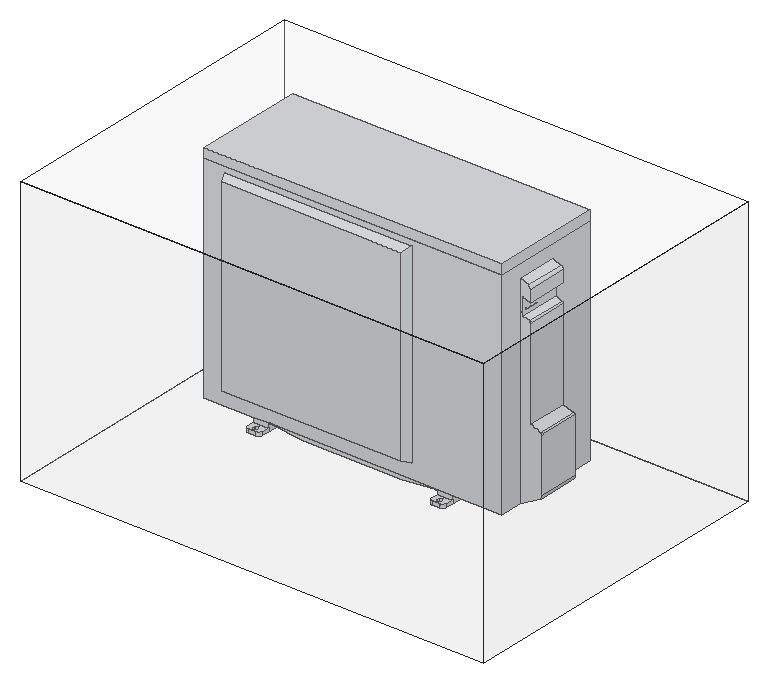
Revit family "puz-zrmp40_63(s)ka11_50Hz", category 機械設備, Revit 2019 (continued)
Definition of nested family "PUZ-ZRMP-1"
  Lines and regions (mm)
    model lines, visible <- "タイプ1", detail levels fine
      curve 340: arc (-404.5, -95, 79) -> (-404.5, -98.536, 77.536) -> (-404.5, -100, 74) r 5
      curve 341: arc (-404.5, -100, 64) -> (-404.5, -98.536, 60.464) -> (-404.5, -95, 59) r 5
    model lines, visible <- "タイプ3", not visible
      curve 342: line (-404.5, -100, 907) -> (-404.5, -60, 907)
      curve 343: line (-404.5, -100, 1097) -> (-404.5, -100, 907)
      curve 344: line (-404.5, -60, 1097) -> (-404.5, -100, 1097)
      curve 345: line (-404.5, -60, 907) -> (-404.5, -60, 1097)
      curve 346: line (-404.5, 60, 907) -> (-404.5, 100, 907)
      curve 347: line (-404.5, 60, 1097) -> (-404.5, 60, 907)
      curve 348: line (-404.5, 100, 1097) -> (-404.5, 60, 1097)
      curve 349: line (-404.5, 100, 907) -> (-404.5, 100, 1097)
      curve 350: line (-404.5, -46.667, 907) -> (-404.5, -6.667, 907)
      curve 351: line (-404.5, -46.667, 1097) -> (-404.5, -46.667, 907)
      curve 352: line (-404.5, -6.667, 1097) -> (-404.5, -46.667, 1097)
      curve 353: line (-404.5, -6.667, 907) -> (-404.5, -6.667, 1097)
      curve 354: line (-404.5, 6.667, 907) -> (-404.5, 46.667, 907)
      curve 355: line (-404.5, 6.667, 1097) -> (-404.5, 6.667, 907)
      curve 356: line (-404.5, 46.667, 1097) -> (-404.5, 6.667, 1097)
      curve 357: line (-404.5, 46.667, 907) -> (-404.5, 46.667, 1097)
      curve 358: line (-404.5, -100, 1112) -> (-404.5, -60, 1112)
      curve 359: line (-404.5, -100, 1302) -> (-404.5, -100, 1112)
      curve 360: line (-404.5, -60, 1302) -> (-404.5, -100, 1302)
      curve 361: line (-404.5, -60, 1112) -> (-404.5, -60, 1302)
      curve 362: line (-404.5, 60, 1112) -> (-404.5, 100, 1112)
      curve 363: line (-404.5, 60, 1302) -> (-404.5, 60, 1112)
      curve 364: line (-404.5, 100, 1302) -> (-404.5, 60, 1302)
      curve 365: line (-404.5, 100, 1112) -> (-404.5, 100, 1302)
      curve 366: line (-404.5, -46.667, 1112) -> (-404.5, -6.667, 1112)
      curve 367: line (-404.5, -46.667, 1302) -> (-404.5, -46.667, 1112)
      curve 368: line (-404.5, -6.667, 1302) -> (-404.5, -46.667, 1302)
      curve 369: line (-404.5, -6.667, 1112) -> (-404.5, -6.667, 1302)
      curve 370: line (-404.5, 6.667, 1112) -> (-404.5, 46.667, 1112)
      curve 371: line (-404.5, 6.667, 1302) -> (-404.5, 6.667, 1112)
      curve 372: line (-404.5, 46.667, 1302) -> (-404.5, 6.667, 1302)
      curve 373: line (-404.5, 46.667, 1112) -> (-404.5, 46.667, 1302)
    model lines, visible <- "タイプ2", not visible
      curve 374: line (-600, -100, 33.5) -> (-600, -60, 33.5)
      curve 375: line (-600, -100, 73.5) -> (-600, -100, 33.5)
      curve 376: line (-600, -60, 73.5) -> (-600, -100, 73.5)
      curve 377: line (-600, -60, 33.5) -> (-600, -60, 73.5)
      curve 378: line (-600, 60, 33.5) -> (-600, 100, 33.5)
      curve 379: line (-600, 60, 73.5) -> (-600, 60, 33.5)
      curve 380: line (-600, 100, 73.5) -> (-600, 60, 73.5)
      curve 381: line (-600, 100, 33.5) -> (-600, 100, 73.5)
      curve 382: line (-509, -46.667, 33.5) -> (-509, -6.667, 33.5)
      curve 383: line (-509, -46.667, 73.5) -> (-509, -46.667, 33.5)
      curve 384: line (-509, -6.667, 73.5) -> (-509, -46.667, 73.5)
      curve 385: line (-509, -6.667, 33.5) -> (-509, -6.667, 73.5)
      curve 386: line (-509, 6.667, 33.5) -> (-509, 46.667, 33.5)
      curve 387: line (-509, 6.667, 73.5) -> (-509, 6.667, 33.5)
      curve 388: line (-509, 46.667, 73.5) -> (-509, 6.667, 73.5)
      curve 389: line (-509, 46.667, 33.5) -> (-509, 46.667, 73.5)
      curve 483: line (-404.5, -100, 33.5) -> (-404.5, -60, 33.5)
      curve 484: line (-404.5, -100, 73.5) -> (-404.5, -100, 33.5)
      curve 485: line (-404.5, -60, 73.5) -> (-404.5, -100, 73.5)
      curve 486: line (-404.5, -60, 33.5) -> (-404.5, -60, 73.5)
      curve 487: line (-404.5, 60, 33.5) -> (-404.5, 100, 33.5)
      curve 488: line (-404.5, 60, 73.5) -> (-404.5, 60, 33.5)
      curve 489: line (-404.5, 100, 73.5) -> (-404.5, 60, 73.5)
      curve 490: line (-404.5, 100, 33.5) -> (-404.5, 100, 73.5)
      curve 491: line (-404.5, -46.667, 33.5) -> (-404.5, -6.667, 33.5)
      curve 492: line (-404.5, -46.667, 73.5) -> (-404.5, -46.667, 33.5)
      curve 493: line (-404.5, -6.667, 73.5) -> (-404.5, -46.667, 73.5)
      curve 494: line (-404.5, -6.667, 33.5) -> (-404.5, -6.667, 73.5)
      curve 495: line (-404.5, 6.667, 33.5) -> (-404.5, 46.667, 33.5)
      curve 496: line (-404.5, 6.667, 73.5) -> (-404.5, 6.667, 33.5)
      curve 497: line (-404.5, 46.667, 73.5) -> (-404.5, 6.667, 73.5)
      curve 498: line (-404.5, 46.667, 33.5) -> (-404.5, 46.667, 73.5)
    model lines, not visible
      curve 390: line (-404.5, -100, 87) -> (-404.5, -60, 87)
      curve 391: line (-404.5, -100, 277) -> (-404.5, -100, 87)
      curve 392: line (-404.5, -60, 277) -> (-404.5, -100, 277)
      curve 393: line (-404.5, -60, 87) -> (-404.5, -60, 277)
      curve 394: line (-404.5, -100, 292) -> (-404.5, -60, 292)
      curve 395: line (-404.5, -100, 482) -> (-404.5, -100, 292)
      curve 396: line (-404.5, -60, 482) -> (-404.5, -100, 482)
      curve 397: line (-404.5, -60, 292) -> (-404.5, -60, 482)
      curve 398: line (-404.5, -100, 497) -> (-404.5, -60, 497)
      curve 399: line (-404.5, -100, 687) -> (-404.5, -100, 497)
      curve 400: line (-404.5, -60, 687) -> (-404.5, -100, 687)
      curve 401: line (-404.5, -60, 497) -> (-404.5, -60, 687)
      curve 402: line (-404.5, -100, 702) -> (-404.5, -60, 702)
      curve 403: line (-404.5, -100, 892) -> (-404.5, -100, 702)
      curve 404: line (-404.5, -60, 892) -> (-404.5, -100, 892)
      curve 405: line (-404.5, -60, 702) -> (-404.5, -60, 892)
      curve 406: line (-404.5, 60, 87) -> (-404.5, 100, 87)
      curve 407: line (-404.5, 60, 277) -> (-404.5, 60, 87)
      curve 408: line (-404.5, 100, 277) -> (-404.5, 60, 277)
      curve 409: line (-404.5, 100, 87) -> (-404.5, 100, 277)
      curve 410: line (-404.5, -46.667, 87) -> (-404.5, -6.667, 87)
      curve 411: line (-404.5, -46.667, 277) -> (-404.5, -46.667, 87)
      curve 412: line (-404.5, -6.667, 277) -> (-404.5, -46.667, 277)
      curve 413: line (-404.5, -6.667, 87) -> (-404.5, -6.667, 277)
      curve 414: line (-404.5, 6.667, 87) -> (-404.5, 46.667, 87)
      curve 415: line (-404.5, 6.667, 277) -> (-404.5, 6.667, 87)
      curve 416: line (-404.5, 46.667, 277) -> (-404.5, 6.667, 277)
      curve 417: line (-404.5, 46.667, 87) -> (-404.5, 46.667, 277)
      curve 418: line (-404.5, 60, 292) -> (-404.5, 100, 292)
      curve 419: line (-404.5, 60, 482) -> (-404.5, 60, 292)
      curve 420: line (-404.5, 100, 482) -> (-404.5, 60, 482)
      curve 421: line (-404.5, 100, 292) -> (-404.5, 100, 482)
      curve 422: line (-404.5, 60, 702) -> (-404.5, 100, 702)
      curve 423: line (-404.5, 60, 892) -> (-404.5, 60, 702)
      curve 424: line (-404.5, 100, 892) -> (-404.5, 60, 892)
      curve 425: line (-404.5, 100, 702) -> (-404.5, 100, 892)
      curve 426: line (-404.5, -46.667, 292) -> (-404.5, -6.667, 292)
      curve 427: line (-404.5, -46.667, 482) -> (-404.5, -46.667, 292)
      curve 428: line (-404.5, -6.667, 482) -> (-404.5, -46.667, 482)
      curve 429: line (-404.5, -6.667, 292) -> (-404.5, -6.667, 482)
      curve 430: line (-404.5, -46.667, 497) -> (-404.5, -6.667, 497)
      curve 431: line (-404.5, -46.667, 687) -> (-404.5, -46.667, 497)
      curve 432: line (-404.5, -6.667, 687) -> (-404.5, -46.667, 687)
      curve 433: line (-404.5, -6.667, 497) -> (-404.5, -6.667, 687)
      curve 434: line (-404.5, -46.667, 702) -> (-404.5, -6.667, 702)
      curve 435: line (-404.5, -46.667, 892) -> (-404.5, -46.667, 702)
      curve 436: line (-404.5, -6.667, 892) -> (-404.5, -46.667, 892)
      curve 437: line (-404.5, -6.667, 702) -> (-404.5, -6.667, 892)
      curve 438: line (-404.5, 6.667, 292) -> (-404.5, 46.667, 292)
      curve 439: line (-404.5, 6.667, 482) -> (-404.5, 6.667, 292)
      curve 440: line (-404.5, 46.667, 482) -> (-404.5, 6.667, 482)
      curve 441: line (-404.5, 46.667, 292) -> (-404.5, 46.667, 482)
      curve 442: line (-404.5, 6.667, 497) -> (-404.5, 46.667, 497)
      curve 443: line (-404.5, 6.667, 687) -> (-404.5, 6.667, 497)
      curve 444: line (-404.5, 46.667, 687) -> (-404.5, 6.667, 687)
      curve 445: line (-404.5, 46.667, 497) -> (-404.5, 46.667, 687)
      curve 446: line (-404.5, 6.667, 702) -> (-404.5, 46.667, 702)
      curve 447: line (-404.5, 6.667, 892) -> (-404.5, 6.667, 702)
      curve 448: line (-404.5, 46.667, 892) -> (-404.5, 6.667, 892)
      curve 449: line (-404.5, 46.667, 702) -> (-404.5, 46.667, 892)
      curve 450: line (-338.5, -173.2, 372.5) -> (149.5, -173.2, 372.5)
      curve 451: line (149.5, -173.2, 277.5) -> (-338.5, -173.2, 277.5)
      curve 452: line (-338.5, -173.2, 467.5) -> (149.5, -173.2, 467.5)
      curve 453: line (-338.5, -173.2, 562.5) -> (149.5, -173.2, 562.5)
      curve 454: line (149.5, -173.2, 182.5) -> (-338.5, -173.2, 182.5)
      curve 455: line (149.5, -173.2, 87.5) -> (-338.5, -173.2, 87.5)
      curve 456: line (-321.071, -173.2, 579) -> (-321.071, -173.2, 71)
      curve 457: line (132.071, -173.2, 71) -> (132.071, -173.2, 579)
      curve 458: line (-303.643, -173.2, 579) -> (-303.643, -173.2, 71)
      curve 459: line (-286.214, -173.2, 579) -> (-286.214, -173.2, 71)
      curve 460: line (-268.786, -173.2, 579) -> (-268.786, -173.2, 71)
      curve 461: line (-251.357, -173.2, 579) -> (-251.357, -173.2, 71)
      curve 462: line (-233.929, -173.2, 579) -> (-233.929, -173.2, 71)
      curve 463: line (-216.5, -173.2, 579) -> (-216.5, -173.2, 71)
      curve 464: line (-199.071, -173.2, 579) -> (-199.071, -173.2, 71)
      curve 465: line (-181.643, -173.2, 579) -> (-181.643, -173.2, 71)
      curve 466: line (-164.214, -173.2, 579) -> (-164.214, -173.2, 71)
      curve 467: line (-146.786, -173.2, 579) -> (-146.786, -173.2, 71)
      curve 468: line (-129.357, -173.2, 579) -> (-129.357, -173.2, 71)
      curve 469: line (-111.929, -173.2, 579) -> (-111.929, -173.2, 71)
      curve 470: line (-94.5, -173.2, 579) -> (-94.5, -173.2, 71)
      curve 471: line (-77.071, -173.2, 579) -> (-77.071, -173.2, 71)
      curve 472: line (-59.643, -173.2, 579) -> (-59.643, -173.2, 71)
      curve 473: line (-42.214, -173.2, 579) -> (-42.214, -173.2, 71)
      curve 474: line (-24.786, -173.2, 579) -> (-24.786, -173.2, 71)
      curve 475: line (-7.357, -173.2, 579) -> (-7.357, -173.2, 71)
      curve 476: line (10.071, -173.2, 579) -> (10.071, -173.2, 71)
      curve 477: line (27.5, -173.2, 579) -> (27.5, -173.2, 71)
      curve 478: line (44.929, -173.2, 579) -> (44.929, -173.2, 71)
      curve 479: line (62.357, -173.2, 579) -> (62.357, -173.2, 71)
      curve 480: line (79.786, -173.2, 579) -> (79.786, -173.2, 71)
      curve 481: line (97.214, -173.2, 579) -> (97.214, -173.2, 71)
      curve 482: line (114.643, -173.2, 579) -> (114.643, -173.2, 71)
    symbolic lines, visible <- "タイプ1"
      curve 499: line (-278.151, 150, 630) -> (-404.5, 150, 630)
      curve 500: line (-404.5, 150, 630) -> (-404.5, -5.599, 630)
      curve 501: line (-404.5, 40, 630) -> (-424.5, 30, 630)
      curve 502: line (-424.5, 30, 630) -> (-424.5, -30, 630)
      curve 503: line (-424.5, -30, 630) -> (-404.5, -40, 630)
      curve 504: line (-404.5, -5.599, 630) -> (-404.5, -150, 630)
      curve 505: line (-404.5, -150, 630) -> (-301.612, -150, 630)
      curve 506: arc (-269.474, -173.2, 630) -> (-265.831, -178.124, 630) -> (-260, -180, 630) r 10
      curve 507: line (-260, -180, 630) -> (-240, -180, 630)
      curve 508: arc (-240, -180, 630) -> (-234.169, -178.124, 630) -> (-230.526, -173.2, 630) r 10
      curve 509: line (-301.612, -150, 630) -> (280.999, -150, 630)
      curve 510: line (230, -150, 630) -> (230, -170, 630)
      curve 511: arc (230, -170, 630) -> (232.929, -177.071, 630) -> (240, -180, 630) r 10
      curve 512: line (240, -180, 630) -> (260, -180, 630)
      curve 513: arc (260, -180, 630) -> (267.071, -177.071, 630) -> (270, -170, 630) r 10
      curve 514: line (270, -170, 630) -> (270, -150, 630)
      curve 515: line (280.999, -150, 630) -> (404.5, -150, 630)
      curve 516: line (404.5, -150, 630) -> (404.5, -77.105, 630)
      curve 517: line (404.5, -90, 630) -> (466.5, -90, 630)
      curve 518: line (466.5, -90, 630) -> (466.5, 20, 630)
      curve 519: line (466.5, 20, 630) -> (404.5, 20, 630)
      curve 520: line (404.5, -77.105, 630) -> (404.5, 150, 630)
      curve 521: line (404.5, 150, 630) -> (308.975, 150, 630)
      curve 522: line (270, 150, 630) -> (270, 180, 630)
      curve 523: line (270, 180, 630) -> (230, 180, 630)
      curve 524: line (230, 180, 630) -> (230, 150, 630)
      curve 525: line (308.975, 150, 630) -> (-278.151, 150, 630)
      curve 526: line (-230, 150, 630) -> (-230, 180, 630)
      curve 527: line (-230, 180, 630) -> (-270, 180, 630)
      curve 528: line (-270, 180, 630) -> (-270, 150, 630)
      curve 529: line (-324.5, 100, 630) -> (324.5, 100, 630)
      curve 530: line (-324.5, 40, 630) -> (-324.5, 100, 630)
      curve 531: line (324.5, 40, 630) -> (-324.5, 40, 630)
      curve 532: line (324.5, 100, 630) -> (324.5, 40, 630)
      curve 533: line (324.5, 30, 630) -> (-324.5, 30, 630)
      curve 534: line (324.5, -30, 630) -> (324.5, 30, 630)
      curve 535: line (-324.5, -30, 630) -> (324.5, -30, 630)
      curve 536: line (-324.5, 30, 630) -> (-324.5, -30, 630)
      curve 537: line (-324.5, -40, 630) -> (324.5, -40, 630)
      curve 538: line (-324.5, -100, 630) -> (-324.5, -40, 630)
      curve 539: line (324.5, -100, 630) -> (-324.5, -100, 630)
      curve 540: line (324.5, -40, 630) -> (324.5, -100, 630)
      curve 541: line (339.5, 100, 630) -> (354.5, 100, 630)
      curve 542: line (339.5, -100, 630) -> (339.5, 100, 630)
      curve 543: line (354.5, -100, 630) -> (339.5, -100, 630)
      curve 544: line (354.5, 100, 630) -> (354.5, -100, 630)
      curve 545: line (-354.5, 100, 630) -> (-339.5, 100, 630)
      curve 546: line (-354.5, -100, 630) -> (-354.5, 100, 630)
      curve 547: line (-339.5, -100, 630) -> (-354.5, -100, 630)
      curve 548: line (-339.5, 100, 630) -> (-339.5, -100, 630)
      curve 549: line (-338.5, -173.2, 630) -> (149.5, -173.2, 630)
      curve 550: line (149.5, -173.2, 630) -> (159.5, -150, 630)
      curve 551: line (-348.5, -150, 630) -> (-338.5, -173.2, 630)
  Dimensions and locks
    equal spacing: plane 8, plane 1 "中心(正面/背面)", plane 7
    "奥行き": plane 8 to plane 7
    equal spacing: plane 5, plane 3 "中心(左/右)", plane 6
    "幅さ": plane 5 to plane 6
    "高さ": plane 4 to level
    locked: plane 6 to plane 9 at 62
    locked: plane 8 to plane 10 at 60
    locked: plane 8 to plane 11 at 170
    locked: plane 4 to plane 12 at 25
    locked: plane 13 to plane 5 at 20
    "吊りボルト-D": plane 17 to plane 16
    equal spacing: plane 17, plane 1 "中心(正面/背面)", plane 16
    equal spacing: plane 14, plane 3 "中心(左/右)", plane 15
    "吊りボルト-W": plane 14 to plane 15
    plane 21 to plane 14 to plane 20 = 20 mm locked, 20 mm locked
    plane 19 to plane 15 to plane 18 = 20 mm locked, 20 mm locked
    locked: plane 16 to plane 22 at 15
    locked: plane 23 to plane 17 at 15
    locked: plane 24 to level at 8.5
    locked: plane 25 to level at 20
    locked: plane 26 to plane 24 at 3
    locked: plane 4 to plane 29 at 5
    plane 7 to plane 1 "中心(正面/背面)" to plane 8 = 150 mm, 150 mm
    plane 31 to plane 1 "中心(正面/背面)" to plane 30 = 40 mm locked, 40 mm locked
    plane 33 to plane 1 "中心(正面/背面)" to plane 32 = 30 mm locked, 30 mm locked
    locked: plane 34 to plane 12 at 5
    locked: plane 35 to level at 55
    locked: plane 36 to level at 225
    equal spacing: plane 6, plane 39, plane 9
    locked: plane 6 to plane 38 at 10
    locked: plane 20 to plane 27 at 95
    locked: plane 28 to plane 19 at 95
    "換気-D": plane 40 to plane 8
    "換気-W": plane 41 to plane 5
    "換気-H1": plane 42 to level
    plane 43 to plane 41 to plane 44 = 254 mm locked, 254 mm locked
    plane 45 to plane 42 to plane 46 = 264 mm locked, 264 mm locked
    locked: plane 43 to plane 48 at 10
    locked: plane 47 to plane 44 at 10
    locked: plane 45 to plane 49 at 10
    locked: plane 50 to plane 46 at 10
    locked: curve 26 to plane 50 at 16.5
    locked: plane 49 to curve 24 at 16.5
    equal spacing: curve 24, curve 23, curve 21, curve 22, curve 25, curve 26
    equal spacing: plane 48, curve 28, curve 53, curve 52, curve 51, curve 50, curve 49, curve 48, curve 47, curve 46, curve 45, curve 44, curve 43, curve 42, curve 41, curve 40, curve 39, curve 38, curve 37, curve 36, curve 35, curve 34, curve 33, curve 32, curve 31, curve 30, curve 29, curve 27, plane 47
    locked: curve 4 to curve 6 at 10
    locked: curve 3 to curve 5 at 10
    locked: plane 51 to plane 7 at 50
    locked: plane 8 to plane 52 at 50
    equal spacing: group 1, group 2, group 3, group 4, group 5, group 6, group 7, group 8, group 9, group 10, group 11, group 12, group 13, group 14, group 15, group 16, group 17, group 18  (x2)
    equal spacing: group 18, group 17, group 16, group 15, group 14, group 13, group 12, group 11, group 10, group 9, group 8, group 7, group 6, group 5, group 4, group 3, group 2, group 1
    "ドレン管径-X": plane 5 to plane 53
    "ドレン管径-Y": plane 8 to plane 54
    "配線取出口-Y": plane 57 to plane 7
    "冷媒液管径-Y": plane 58 to plane 7
    "冷媒ガス管径-Y": plane 59 to plane 7
    "配線取出口-X": plane 3 "中心(左/右)" to plane 56
    "冷媒ガス管径-X": plane 3 "中心(左/右)" to plane 55
    "冷媒液管径-X": plane 3 "中心(左/右)" to plane 60
    "冷媒液管径-Z": plane 62 to level
    "冷媒ガス管径-Z": plane 61 to level
    "配線取出口-Z": plane 63 to level
    locked: plane 57 to plane 64 at 50
    locked: plane 65 to plane 61 at 37.8
    locked: plane 66 to plane 62 at 16.1
    equal spacing: plane 55, plane 67, plane 60
    equal spacing: plane 58, plane 68, plane 59
    "a": plane 69 "グループ" to plane 3 "中心(左/右)"
    plane 71 to level = 943 mm
    plane 70 to level = 1338 mm
    locked: plane 37 to level at 570
    curve 21 to plane 42 to curve 22 = 47.5 mm locked, 47.5 mm locked
    "換気-H2": plane 72 to plane 42
    plane 73 to plane 72 to plane 74 = 264 mm locked, 264 mm locked
    locked: plane 76 to plane 74 at 10
    locked: plane 73 to plane 75 at 10
    plane 48 to plane 47 = 488 mm
    plane 68 to plane 7 = 185.5 mm
    plane 61 to level = 99.5 mm
    plane 65 to plane 61 = 37.8 mm
    plane 62 to level = 164.5 mm
    plane 66 to plane 62 = 16.1 mm
    plane 68 to plane 77 to plane 78 = 23 mm locked, 17.5 mm locked
    plane 68 to plane 77 = 23 mm
    plane 77 to plane 78 = 17.5 mm
    equal spacing: plane 77, plane 79, plane 78
    "ドレン配管サイズ": diameter of Extrusion 3 sketch curve
    "配線取出口サイズ": diameter of Extrusion 9 sketch curve
    "吊りボルト-φ": diameter of Extrusion 10 sketch curve  (x4)
    "冷媒配管サイズ": diameter of Sweep 11 sketch curve
    "ガス配管サイズ": diameter of Sweep 12 sketch curve
    aligned and locked: level to plane 2
    aligned and locked: Extrusion 1 to level
    aligned and locked: plane 25 to Extrusion 1
    aligned and locked: Extrusion 2 sketch curve to plane 25
    aligned and locked: Extrusion 2 sketch curve to plane 26
    aligned and locked: Extrusion 2 to plane 7
    aligned and locked: plane 8 to Extrusion 2
    aligned and locked: Extrusion 3 to plane 26
    aligned and locked: Extrusion 3 to plane 24
    aligned and locked: Extrusion 4 sketch curve to plane 7
    aligned and locked: Extrusion 4 sketch curve to plane 8
    aligned and locked: Extrusion 4 sketch curve to plane 5
    aligned and locked: Extrusion 4 sketch curve to plane 6
    aligned and locked: Extrusion 4 to plane 25
    aligned and locked: plane 12 to Extrusion 4
    aligned and locked: Extrusion 5 sketch curve to Extrusion 4  (x4)
    aligned and locked: Extrusion 5 to plane 12
    aligned and locked: plane 4 to Extrusion 5
    aligned and locked: plane 29 to Blend 6 sketch curve
    aligned and locked: Blend 6 sketch curve to plane 31
    aligned and locked: Blend 6 sketch curve to plane 12  (x2)
    aligned and locked: plane 30 to Blend 6 sketch curve
    aligned and locked: plane 34 to Blend 6 sketch curve
    aligned and locked: Blend 6 sketch curve to plane 33
    aligned and locked: plane 32 to Blend 6 sketch curve
    aligned and locked: Blend 6 to plane 13
    aligned and locked: plane 5 to Blend 6
    aligned and locked: Extrusion 7 sketch curve to plane 6
    aligned and locked: Extrusion 7 sketch curve to plane 9
    aligned and locked: Extrusion 7 sketch curve to plane 39
    aligned and locked: Extrusion 7 sketch curve to Extrusion 7 sketch curve
    aligned and locked: Extrusion 7 sketch curve to plane 38
    aligned and locked: Extrusion 7 to plane 11
    aligned and locked: plane 10 to Extrusion 7
    aligned and locked: Blend 8 sketch curve to plane 45
    aligned and locked: Blend 8 sketch curve to plane 46
    aligned and locked: Blend 8 sketch curve to plane 44
    aligned and locked: Blend 8 sketch curve to plane 43
    aligned and locked: Blend 8 sketch curve to plane 49
    aligned and locked: Blend 8 sketch curve to plane 47
    aligned and locked: Blend 8 sketch curve to plane 48
    aligned and locked: Blend 8 sketch curve to plane 50
    aligned and locked: Blend 8 to plane 8
    aligned and locked: plane 40 to Blend 8
    aligned and locked: curve 17 to plane 51
    aligned and locked: curve 1 to plane 51
    aligned and locked: plane 51 to curve 19
    aligned and locked: curve 18 to plane 52
    aligned and locked: plane 52 to curve 2
    aligned and locked: plane 52 to curve 20
    aligned and locked: plane 53 to Extrusion 3 sketch curve
    aligned and locked: plane 54 to Extrusion 3 sketch curve
    aligned and locked: plane 63 to Extrusion 9 sketch curve
    aligned and locked: plane 56 to Extrusion 9 sketch curve
    aligned and locked: plane 57 to Extrusion 9
    aligned and locked: Extrusion 9 to plane 64
    aligned and locked: plane 22 to Extrusion 10 sketch curve  (x4)
    aligned and locked: plane 21 to Extrusion 10 sketch curve
    aligned and locked: Extrusion 2 to Extrusion 10 sketch curve  (x2)
    aligned and locked: Extrusion 10 sketch curve to Extrusion 1  (x6)
    aligned and locked: plane 19 to Extrusion 10 sketch curve
    aligned and locked: Extrusion 10 sketch curve to plane 23  (x2)
    aligned and locked: Extrusion 10 sketch curve to plane 18
    aligned and locked: Extrusion 10 sketch curve to plane 20
    aligned and locked: plane 16 to Extrusion 10 sketch curve  (x2)
    aligned and locked: plane 14 to Extrusion 10 sketch curve  (x2)
    aligned and locked: plane 17 to Extrusion 10 sketch curve  (x2)
    aligned and locked: plane 15 to Extrusion 10 sketch curve  (x2)
    aligned and locked: level to Extrusion 10
    aligned and locked: plane 24 to Extrusion 10
    aligned and locked: Masking region 1 sketch curve to Extrusion 5  (x4)
    aligned and locked: Masking region 1 sketch curve to Blend 6  (x3)
    aligned and locked: Masking region 1 sketch curve to Extrusion 7  (x2)
    aligned and locked: Masking region 1 sketch curve to plane 9
    aligned and locked: Masking region 1 sketch curve to Extrusion 10  (x8)
    aligned and locked: Masking region 1 to curve 499
    aligned and locked: curve 500 to Masking region 1
    aligned and locked: curve 501 to Masking region 1
    aligned and locked: curve 502 to Masking region 1
    aligned and locked: curve 503 to Masking region 1
    aligned and locked: curve 504 to Masking region 1
    aligned and locked: curve 505 to Masking region 1
    aligned and locked: curve 506 to Masking region 1
    aligned and locked: curve 508 to Masking region 1
    aligned and locked: curve 510 to Masking region 1
    aligned and locked: curve 511 to Masking region 1
    aligned and locked: curve 513 to Masking region 1
    aligned and locked: Masking region 1 to curve 515
    aligned and locked: curve 516 to Masking region 1
    aligned and locked: curve 517 to Masking region 1
    aligned and locked: curve 518 to Masking region 1
    aligned and locked: curve 519 to Masking region 1
    aligned and locked: curve 520 to Masking region 1
    aligned and locked: curve 521 to Masking region 1
    aligned and locked: curve 522 to Masking region 1
    aligned and locked: curve 523 to Masking region 1
    aligned and locked: curve 524 to Masking region 1
    aligned and locked: curve 525 to Masking region 1
    aligned and locked: curve 526 to Masking region 1
    aligned and locked: curve 527 to Masking region 1
    aligned and locked: curve 528 to Masking region 1
    aligned and locked: curve 532 to curve 12
    aligned and locked: Masking region 1 sketch curve to curve 21
    aligned and locked: Masking region 1 sketch curve to Blend 8  (x2)
    aligned and locked: curve 549 to Blend 8
    aligned and locked: curve 550 to Blend 8
    aligned and locked: curve 551 to Blend 8
    aligned and locked: plane 78 to Sweep 12 sketch curve
    aligned and locked: plane 58 to Sweep 12 sketch curve
    aligned and locked: plane 77 to Sweep 11 sketch curve
    aligned and locked: plane 58 to Sweep 11 sketch curve
    aligned and locked: plane 61 to Sweep 12 sketch curve
  Automatic sketch dimensions
    Extrusion 2 sketch curve to plane 20 = 0 mm
    Extrusion 2 sketch curve to plane 27 = 0 mm
    Extrusion 2 sketch curve to plane 28 = 0 mm
    Extrusion 2 sketch curve to plane 19 = 0 mm
    Extrusion 7 sketch curve to plane 39 = 0 mm
    Extrusion 7 sketch curve to plane 25 = 0 mm
    Extrusion 7 sketch curve to plane 36 = 0 mm
    Extrusion 7 sketch curve to plane 37 = 0 mm
    Extrusion 7 sketch curve to Extrusion 7 sketch curve = 10 mm
    Extrusion 7 sketch curve to plane 39 = 6.58 mm
    Extrusion 7 sketch curve to Extrusion 7 sketch curve = 5 mm  (x2)
    plane 39 to Extrusion 7 sketch curve = 21 mm
    Extrusion 7 sketch curve to plane 39 = 3.29 mm
    Extrusion 7 sketch curve to plane 9 = 3.29 mm
    Extrusion 7 sketch curve to plane 35 = 2.87 mm
    Extrusion 7 sketch curve to Extrusion 7 sketch curve = 81.633 mm
    Extrusion 7 sketch curve to Extrusion 7 sketch curve = 30.244 mm
    Extrusion 7 sketch curve to Extrusion 7 sketch curve = 7.643 mm
    plane 7 to Extrusion 1 sketch curve = 0 mm  (x2)
    Extrusion 1 sketch curve to plane 18 = 0 mm
    plane 8 to Extrusion 1 sketch curve = 0 mm  (x2)
    Extrusion 1 sketch curve to plane 19 = 0 mm
    Extrusion 1 sketch curve to plane 20 = 0 mm
    Extrusion 1 sketch curve to plane 21 = 0 mm
    curve 383 to curve 384 = 40 mm
    curve 382 to curve 386 = 13.333 mm
    curve 386 to curve 386 = 40 mm
    curve 382 to curve 389 = 0 mm
    curve 382 to curve 384 = 40 mm
    curve 384 to curve 387 = 0 mm
    curve 375 to curve 376 = 40 mm
    curve 374 to curve 378 = 120 mm
    curve 378 to curve 378 = 40 mm
    curve 374 to curve 381 = 0 mm
    curve 374 to curve 376 = 40 mm
    curve 378 to curve 379 = 40 mm
    curve 25 to plane 47 = 0 mm
    curve 24 to plane 47 = 0 mm
    curve 22 to plane 47 = 0 mm
    curve 23 to plane 47 = 0 mm
    curve 26 to plane 47 = 0 mm
    curve 21 to plane 47 = 0 mm
    curve 24 to plane 48 = 0 mm
    curve 25 to plane 48 = 0 mm
    curve 26 to plane 48 = 0 mm
    curve 23 to plane 48 = 0 mm
    curve 22 to plane 48 = 0 mm
    curve 21 to plane 48 = 0 mm
    curve 37 to plane 50 = 0 mm
    curve 52 to plane 50 = 0 mm
    curve 51 to plane 50 = 0 mm
    curve 50 to plane 50 = 0 mm
    curve 49 to plane 50 = 0 mm
    curve 48 to plane 50 = 0 mm
    curve 47 to plane 50 = 0 mm
    curve 46 to plane 50 = 0 mm
    curve 45 to plane 50 = 0 mm
    curve 44 to plane 50 = 0 mm
    curve 43 to plane 50 = 0 mm
    curve 42 to plane 50 = 0 mm
    curve 41 to plane 50 = 0 mm
    curve 27 to plane 50 = 0 mm
    curve 28 to plane 50 = 0 mm
    curve 40 to plane 50 = 0 mm
    curve 39 to plane 50 = 0 mm
    curve 29 to plane 50 = 0 mm
    curve 38 to plane 50 = 0 mm
    curve 30 to plane 50 = 0 mm
    curve 53 to plane 50 = 0 mm
    curve 31 to plane 50 = 0 mm
    curve 36 to plane 50 = 0 mm
    curve 32 to plane 50 = 0 mm
    curve 35 to plane 50 = 0 mm
    curve 33 to plane 50 = 0 mm
    curve 34 to plane 50 = 0 mm
    curve 28 to plane 49 = 0 mm
    curve 41 to plane 49 = 0 mm
    curve 27 to plane 49 = 0 mm
    curve 42 to plane 49 = 0 mm
    curve 31 to plane 49 = 0 mm
    curve 40 to plane 49 = 0 mm
    curve 37 to plane 49 = 0 mm
    curve 39 to plane 49 = 0 mm
    curve 32 to plane 49 = 0 mm
    curve 45 to plane 49 = 0 mm
    curve 36 to plane 49 = 0 mm
    curve 46 to plane 49 = 0 mm
    curve 43 to plane 49 = 0 mm
    curve 47 to plane 49 = 0 mm
    curve 29 to plane 49 = 0 mm
    curve 48 to plane 49 = 0 mm
    curve 30 to plane 49 = 0 mm
    curve 49 to plane 49 = 0 mm
    curve 44 to plane 49 = 0 mm
    curve 50 to plane 49 = 0 mm
    curve 33 to plane 49 = 0 mm
    curve 51 to plane 49 = 0 mm
    curve 35 to plane 49 = 0 mm
    curve 52 to plane 49 = 0 mm
    curve 38 to plane 49 = 0 mm
    curve 53 to plane 49 = 0 mm
    curve 34 to plane 49 = 0 mm
    Masking region 1 sketch curve to plane 5 = 0 mm
    Masking region 1 sketch curve to plane 6 = 0 mm
    plane 7 to Masking region 1 sketch curve = 0 mm  (x2)
    Masking region 1 sketch curve to plane 15 = 10 mm
    Masking region 1 sketch curve to plane 19 = 0 mm
    plane 8 to Masking region 1 sketch curve = 0 mm  (x2)
    plane 32 to curve 535 = 0 mm
    plane 33 to curve 534 = 0 mm
    curve 541 to plane 56 = 45.5 mm
    curve 13 to curve 20 = 15 mm
    plane 18 to curve 535 = 54.5 mm
    curve 532 to curve 6 = 0 mm
    curve 537 to curve 5 = 0 mm
    plane 47 to curve 536 = 14 mm
    plane 47 to curve 538 = 14 mm
    plane 47 to curve 1 = 14 mm
    curve 16 to plane 47 = 1 mm
    curve 15 to plane 44 = 6 mm
    plane 1 "中心(正面/背面)" to curve 504 = 5.599 mm
    curve 528 to curve 499 = 8.151 mm
    curve 521 to curve 522 = 38.975 mm
    curve 516 to plane 10 = 12.895 mm
    curve 515 to curve 514 = 10.999 mm
    plane 40 to Masking region 1 sketch curve = 0 mm
    Masking region 1 sketch curve to plane 40 = 3.2 mm  (x2)
    Masking region 1 sketch curve to plane 14 = 10 mm
    Masking region 1 sketch curve to plane 20 = 0.526 mm
    curve 509 to plane 21 = 31.612 mm
    plane 40 to curve 506 = 0 mm
    plane 40 to curve 508 = 0 mm
    Sweep 12 sketch curve to plane 65 = 0 mm
    Sweep 11 sketch curve to plane 62 = 0 mm
    Sweep 11 sketch curve to plane 66 = 0 mm
    plane 17 to Extrusion 10 sketch curve = 0 mm  (x2)
    Extrusion 10 sketch curve to plane 40 = 3.2 mm  (x5)
    Extrusion 10 sketch curve to plane 15 = 10 mm
    Extrusion 10 sketch curve to Extrusion 10 sketch curve = 0 mm
    Sweep 11 sketch curve to plane 67 = 0 mm
    Sweep 11 sketch curve to profile plane = 0 mm
    Sweep 12 sketch curve to plane 67 = 0 mm
    Sweep 12 sketch curve to profile plane = 0 mm
Definition of nested family "固定点"
  Parameters (values of type "固定点")
    中心円 = if(W > 599 mm, 12 mm, 10 mm)  # 12 mm
    W = 1000 mm
    D = 1000 mm
  Reference planes
    plane 1 "中心(正面/背面)": y = 0
    plane 2: z = 0
    plane 3 "中心(左/右)": x = 0
    plane 4: x = 1000
    plane 5: y = 1000
  Lines and regions (mm)
    symbolic lines, detail levels fine
      curve 1: circle (0, 1000, 0) r 6 normal (0, 0, 1)
      curve 2: circle (0, 0, 0) r 6 normal (0, 0, 1)
      curve 3: circle (1000, 1000, 0) r 6 normal (0, 0, 1)
      curve 4: circle (1000, 0, 0) r 6 normal (0, 0, 1)
      curve 5: line (-200, 1000, 0) -> (1200, 1000, 0)
      curve 6: line (-200, 0, 0) -> (1200, 0, 0)
      curve 7: line (0, 1200, 0) -> (0, -200, 0)
      curve 8: line (1000, 1200, 0) -> (1000, -200, 0)
  Dimensions and locks
    "W": plane 3 "中心(左/右)" to plane 4
    "D": plane 1 "中心(正面/背面)" to plane 5
    "中心円": diameter of curve 1
    "中心円": diameter of curve 2
    "中心円": diameter of curve 3
    "中心円": diameter of curve 4
    aligned and locked: level to plane 2
    aligned and locked: plane 5 to curve 1
    aligned and locked: plane 3 "中心(左/右)" to curve 1
    aligned and locked: plane 3 "中心(左/右)" to curve 2
    aligned and locked: plane 1 "中心(正面/背面)" to curve 2
    aligned and locked: plane 4 to curve 3
    aligned and locked: plane 5 to curve 3
    aligned and locked: plane 1 "中心(正面/背面)" to curve 4
    aligned and locked: plane 4 to curve 4
    aligned and locked: plane 1 "中心(正面/背面)" to curve 6
    aligned and locked: curve 7 to plane 3 "中心(左/右)"
    aligned and locked: curve 8 to plane 4
  Automatic sketch dimensions
    curve 5 to plane 5 = 0 mm
    curve 6 to plane 3 "中心(左/右)" = 200 mm
    curve 5 to plane 3 "中心(左/右)" = 200 mm
    curve 4 to curve 6 = 200 mm
    curve 3 to curve 5 = 200 mm
    plane 1 "中心(正面/背面)" to curve 8 = 200 mm
    plane 1 "中心(正面/背面)" to curve 7 = 200 mm
    curve 3 to curve 8 = 200 mm
    curve 1 to curve 7 = 200 mm
Types (11, lengths in mm): name | 音響パワーレベル（冷）(dB) | 音響パワーレベル(dB) | 電動機出力_圧縮機 | 質量 | 製品質量 | 相 | 消費電力_暖房 | 消費電力_冷房 | 消費電力 | 構成品番 | 極数 | 暖房能力 | 推奨ブレーカー容量 | 価格 | 冷房能力 | URL
  (no name) | 64 | 66 | 0.6 kW | 49.20 kg | 41.00 kg | 3 | 0.705 kW | 0.615 kW | 0.705 kW | "PUZ-ZRMP40KA" | 3 | 4 kW | 15 A | 482000 | 3.6 kW | "https://www.mitsubishielectric.co.jp/ldg/wink/ssl/displayProduct.do?pid=311383"
  PUZ-ZRMP40KA11 | 64 | 66 | 0.6 kW | 49.20 kg | 41.00 kg | 3 | 0.705 kW | 0.615 kW | 0.705 kW | "PUZ-ZRMP40KA" | 3 | 4 kW | 15 A | 482000 | 3.6 kW | "https://www.mitsubishielectric.co.jp/ldg/wink/ssl/displayProduct.do?pid=311383"
  PUZ-ZRMP40SKA11 | 64 | 66 | 0.6 kW | 51.60 kg | 43.00 kg | 1 | 0.705 kW | 0.615 kW | 0.705 kW | "PUZ-ZRMP40SKA" | 1 | 4 kW | 20 A | 482000 | 3.6 kW | "https://www.mitsubishielectric.co.jp/ldg/wink/ssl/displayProduct.do?pid=311384"
  PUZ-ZRMP45SKA11 | 64 | 66 | 0.7 kW | 51.60 kg | 43.00 kg | 1 | 0.837 kW | 0.731 kW | 0.837 kW | "PUZ-ZRMP45SKA" | 1 | 4.5 kW | 20 A | 531000 | 4 kW | "https://www.mitsubishielectric.co.jp/ldg/wink/ssl/displayProduct.do?pid=311390"
  PUZ-ZRMP45KA11 | 64 | 66 | 0.7 kW | 49.20 kg | 41.00 kg | 3 | 0.837 kW | 0.731 kW | 0.837 kW | "PUZ-ZRMP45KA" | 3 | 4.5 kW | 15 A | 531000 | 4 kW | "https://www.mitsubishielectric.co.jp/ldg/wink/ssl/displayProduct.do?pid=311389"
  PUZ-ZRMP50SKA11 | 65 | 67 | 0.8 kW | 51.60 kg | 43.00 kg | 1 | 0.968 kW | 0.875 kW | 0.968 kW | "PUZ-ZRMP50SKA" | 1 | 5 kW | 20 A | 575000 | 4.5 kW | "https://www.mitsubishielectric.co.jp/ldg/wink/ssl/displayProduct.do?pid=311396"
  PUZ-ZRMP50KA11 | 65 | 67 | 0.8 kW | 49.20 kg | 41.00 kg | 3 | 0.968 kW | 0.875 kW | 0.968 kW | "PUZ-ZRMP50KA" | 3 | 5 kW | 15 A | 575000 | 4.5 kW | "https://www.mitsubishielectric.co.jp/ldg/wink/ssl/displayProduct.do?pid=311395"
  PUZ-ZRMP56SKA11 | 65 | 67 | 0.9 kW | 51.60 kg | 43.00 kg | 1 | 1.15 kW | 1.09 kW | 1.15 kW | "PUZ-ZRMP56SKA" | 1 | 5.6 kW | 20 A | 613000 | 5 kW | "https://www.mitsubishielectric.co.jp/ldg/wink/ssl/displayProduct.do?pid=311402"
  PUZ-ZRMP56KA11 | 65 | 67 | 0.9 kW | 49.20 kg | 41.00 kg | 3 | 1.15 kW | 1.09 kW | 1.15 kW | "PUZ-ZRMP56KA" | 3 | 5.6 kW | 15 A | 613000 | 5 kW | "https://www.mitsubishielectric.co.jp/ldg/wink/ssl/displayProduct.do?pid=311401"
  PUZ-ZRMP63SKA11 | 65 | 67 | 1.2 kW | 51.60 kg | 43.00 kg | 1 | 1.34 kW | 1.28 kW | 1.34 kW | "PUZ-ZRMP63SKA" | 1 | 6.3 kW | 30 A | 663000 | 5.6 kW | "https://www.mitsubishielectric.co.jp/ldg/wink/ssl/displayProduct.do?pid=311408"
  PUZ-ZRMP63KA11 | 65 | 67 | 1.2 kW | 50.40 kg | 42.00 kg | 3 | 1.34 kW | 1.28 kW | 1.34 kW | "PUZ-ZRMP63KA" | 3 | 6.3 kW | 15 A | 663000 | 5.6 kW | "https://www.mitsubishielectric.co.jp/ldg/wink/ssl/displayProduct.do?pid=311407"
